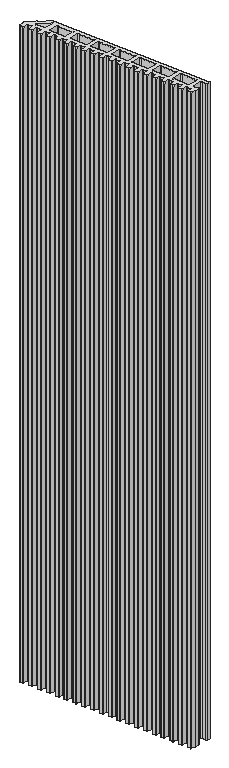
Revit family "ECP_MNY61-7560CN　ﾘｯﾌﾟﾙ留め", category Generic Models, Revit 2022
Family settings
  Can host rebar = No
  Round Connector Dimension = Use Diameter
  Part Type = Normal
  Work Plane-Based = No
  Always vertical = Yes
  Cut with Voids When Loaded = Yes
  Maintain Annotation Orientation = No
  Shared = No
  Room Calculation Point = No
Parameters (values of type "ECP_MNY61-7560CN　ﾘｯﾌﾟﾙ留め")
  長さ [instance] = 2000 mm
  穴表示 = yes
  材質 = 40Msr_ECP
  Default Elevation = 0 mm
  既存長さ = 600 mm
  幅 [instance] = 590 mm
  固定寸法 = 590 mm
  厚さ = 60 mm
  メースカット非表示 = yes
  メースカット [instance] = 既存長さ - 幅 - 10 mm  # 0 mm
  オースカット非表示 = no
  オースカット = 0 mm
Types (2, lengths in mm): name | 幅 | メースカット
  ECP_MNY61-7560CN　ﾘｯﾌﾟﾙ留め | 590 | 0
  ECP_SSAM_t125 | 450 | 140
Reference planes
  plane 1 "中心(正面/背面)": y = 0
  plane 2: z = 0
  plane 3 "中心(左/右)": x = 0
  plane 4: y = -30
  plane 5: y = 30
  plane 6: z = 2000
  plane 7: x = 590
Forms (mm)
  Extrusion 1, solid, material "40Msr_ECP" <- "材質", detail levels fine
    sketch origin (0, 0, 0) x (1, 0, 0) y (0, 1, 0)
      loop
        line (0, -29) -> (1.066, -30)
        arc (1.066, -30) -> (2.456, -30.562) -> (3.064, -31.933) r 2
        line (3.064, -31.933) -> (3.436, -43.067)
        arc (3.436, -43.067) -> (4.044, -44.438) -> (5.434, -45) r 2
        line (5.434, -45) -> (14.566, -45)
        arc (14.566, -45) -> (15.956, -44.438) -> (16.564, -43.067) r 2
        line (16.564, -43.067) -> (16.936, -31.933)
        arc (16.936, -31.933) -> (17.544, -30.562) -> (18.934, -30) r 2
        line (18.934, -30) -> (31.066, -30)
        arc (31.066, -30) -> (32.456, -30.562) -> (33.064, -31.933) r 2
        line (33.064, -31.933) -> (33.436, -43.067)
        arc (33.436, -43.067) -> (34.044, -44.438) -> (35.434, -45) r 2
        line (35.434, -45) -> (44.566, -45)
        arc (44.566, -45) -> (45.956, -44.438) -> (46.564, -43.067) r 2
        line (46.564, -43.067) -> (46.936, -31.933)
        arc (46.936, -31.933) -> (47.544, -30.562) -> (48.934, -30) r 2
        line (48.934, -30) -> (61.066, -30)
        arc (61.066, -30) -> (62.456, -30.562) -> (63.064, -31.933) r 2
        line (63.064, -31.933) -> (63.436, -43.067)
        arc (63.436, -43.067) -> (64.044, -44.438) -> (65.434, -45) r 2
        line (65.434, -45) -> (74.566, -45)
        arc (74.566, -45) -> (75.956, -44.438) -> (76.564, -43.067) r 2
        line (76.564, -43.067) -> (76.936, -31.933)
        arc (76.936, -31.933) -> (77.544, -30.562) -> (78.934, -30) r 2
        line (78.934, -30) -> (91.066, -30)
        arc (91.066, -30) -> (92.456, -30.562) -> (93.064, -31.933) r 2
        line (93.064, -31.933) -> (93.436, -43.067)
        arc (93.436, -43.067) -> (94.044, -44.438) -> (95.434, -45) r 2
        line (95.434, -45) -> (104.566, -45)
        arc (104.566, -45) -> (105.956, -44.438) -> (106.564, -43.067) r 2
        line (106.564, -43.067) -> (106.936, -31.933)
        arc (106.936, -31.933) -> (107.544, -30.562) -> (108.934, -30) r 2
        line (108.934, -30) -> (121.066, -30)
        arc (121.066, -30) -> (122.456, -30.562) -> (123.064, -31.933) r 2
        line (123.064, -31.933) -> (123.436, -43.067)
        arc (123.436, -43.067) -> (124.044, -44.438) -> (125.434, -45) r 2
        line (125.434, -45) -> (134.566, -45)
        arc (134.566, -45) -> (135.956, -44.438) -> (136.564, -43.067) r 2
        line (136.564, -43.067) -> (136.936, -31.933)
        arc (136.936, -31.933) -> (137.544, -30.562) -> (138.934, -30) r 2
        line (138.934, -30) -> (151.131, -30)
        arc (151.131, -30) -> (152.522, -30.562) -> (153.13, -31.933) r 2
        line (153.13, -31.933) -> (153.501, -43.067)
        arc (153.501, -43.067) -> (154.11, -44.438) -> (155.5, -45) r 2
        line (155.5, -45) -> (164.631, -45)
        arc (164.631, -45) -> (166.022, -44.438) -> (166.63, -43.067) r 2
        line (166.63, -43.067) -> (167.001, -31.933)
        arc (167.001, -31.933) -> (167.61, -30.562) -> (169, -30) r 2
        line (169, -30) -> (181.066, -30)
        arc (181.066, -30) -> (182.456, -30.562) -> (183.064, -31.933) r 2
        line (183.064, -31.933) -> (183.436, -43.067)
        arc (183.436, -43.067) -> (184.044, -44.438) -> (185.434, -45) r 2
        line (185.434, -45) -> (194.566, -45)
        arc (194.566, -45) -> (195.956, -44.438) -> (196.564, -43.067) r 2
        line (196.564, -43.067) -> (196.936, -31.933)
        arc (196.936, -31.933) -> (197.544, -30.562) -> (198.934, -30) r 2
        line (198.934, -30) -> (211.066, -30)
        arc (211.066, -30) -> (212.456, -30.562) -> (213.064, -31.933) r 2
        line (213.064, -31.933) -> (213.436, -43.067)
        arc (213.436, -43.067) -> (214.044, -44.438) -> (215.434, -45) r 2
        line (215.434, -45) -> (224.566, -45)
        arc (224.566, -45) -> (225.956, -44.438) -> (226.564, -43.067) r 2
        line (226.564, -43.067) -> (226.936, -31.933)
        arc (226.936, -31.933) -> (227.544, -30.562) -> (228.934, -30) r 2
        line (228.934, -30) -> (241.066, -30)
        arc (241.066, -30) -> (242.456, -30.562) -> (243.064, -31.933) r 2
        line (243.064, -31.933) -> (243.436, -43.067)
        arc (243.436, -43.067) -> (244.044, -44.438) -> (245.434, -45) r 2
        line (245.434, -45) -> (254.566, -45)
        arc (254.566, -45) -> (255.956, -44.438) -> (256.564, -43.067) r 2
        line (256.564, -43.067) -> (256.936, -31.933)
        arc (256.936, -31.933) -> (257.544, -30.562) -> (258.934, -30) r 2
        line (258.934, -30) -> (271.131, -30)
        arc (271.131, -30) -> (272.522, -30.562) -> (273.13, -31.933) r 2
        line (273.13, -31.933) -> (273.501, -43.067)
        arc (273.501, -43.067) -> (274.11, -44.438) -> (275.5, -45) r 2
        line (275.5, -45) -> (284.631, -45)
        arc (284.631, -45) -> (286.022, -44.438) -> (286.63, -43.067) r 2
        line (286.63, -43.067) -> (287.001, -31.933)
        arc (287.001, -31.933) -> (287.61, -30.562) -> (289, -30) r 2
        line (289, -30) -> (301.066, -30)
        arc (301.066, -30) -> (302.456, -30.562) -> (303.064, -31.933) r 2
        line (303.064, -31.933) -> (303.436, -43.067)
        arc (303.436, -43.067) -> (304.044, -44.438) -> (305.434, -45) r 2
        line (305.434, -45) -> (314.566, -45)
        arc (314.566, -45) -> (315.956, -44.438) -> (316.564, -43.067) r 2
        line (316.564, -43.067) -> (316.936, -31.933)
        arc (316.936, -31.933) -> (317.544, -30.562) -> (318.934, -30) r 2
        line (318.934, -30) -> (331.066, -30)
        arc (331.066, -30) -> (332.456, -30.562) -> (333.064, -31.933) r 2
        line (333.064, -31.933) -> (333.436, -43.067)
        arc (333.436, -43.067) -> (334.044, -44.438) -> (335.434, -45) r 2
        line (335.434, -45) -> (344.566, -45)
        arc (344.566, -45) -> (345.956, -44.438) -> (346.564, -43.067) r 2
        line (346.564, -43.067) -> (346.936, -31.933)
        arc (346.936, -31.933) -> (347.544, -30.562) -> (348.934, -30) r 2
        line (348.934, -30) -> (361.131, -30)
        arc (361.131, -30) -> (362.522, -30.562) -> (363.13, -31.933) r 2
        line (363.13, -31.933) -> (363.501, -43.067)
        arc (363.501, -43.067) -> (364.11, -44.438) -> (365.5, -45) r 2
        line (365.5, -45) -> (374.631, -45)
        arc (374.631, -45) -> (376.022, -44.438) -> (376.63, -43.067) r 2
        line (376.63, -43.067) -> (377.001, -31.933)
        arc (377.001, -31.933) -> (377.61, -30.562) -> (379, -30) r 2
        line (379, -30) -> (391.066, -30)
        arc (391.066, -30) -> (392.456, -30.562) -> (393.064, -31.933) r 2
        line (393.064, -31.933) -> (393.436, -43.067)
        arc (393.436, -43.067) -> (394.044, -44.438) -> (395.434, -45) r 2
        line (395.434, -45) -> (404.566, -45)
        arc (404.566, -45) -> (405.956, -44.438) -> (406.564, -43.067) r 2
        line (406.564, -43.067) -> (406.936, -31.933)
        arc (406.936, -31.933) -> (407.544, -30.562) -> (408.934, -30) r 2
        line (408.934, -30) -> (421.066, -30)
        arc (421.066, -30) -> (422.456, -30.562) -> (423.064, -31.933) r 2
        line (423.064, -31.933) -> (423.436, -43.067)
        arc (423.436, -43.067) -> (424.044, -44.438) -> (425.434, -45) r 2
        line (425.434, -45) -> (434.566, -45)
        arc (434.566, -45) -> (435.956, -44.438) -> (436.564, -43.067) r 2
        line (436.564, -43.067) -> (436.936, -31.933)
        arc (436.936, -31.933) -> (437.544, -30.562) -> (438.934, -30) r 2
        line (438.934, -30) -> (451.066, -30)
        arc (451.066, -30) -> (452.456, -30.562) -> (453.064, -31.933) r 2
        line (453.064, -31.933) -> (453.436, -43.067)
        arc (453.436, -43.067) -> (454.044, -44.438) -> (455.434, -45) r 2
        line (455.434, -45) -> (464.566, -45)
        arc (464.566, -45) -> (465.956, -44.438) -> (466.564, -43.067) r 2
        line (466.564, -43.067) -> (466.936, -31.933)
        arc (466.936, -31.933) -> (467.544, -30.562) -> (468.934, -30) r 2
        line (468.934, -30) -> (481.066, -30)
        arc (481.066, -30) -> (482.456, -30.562) -> (483.064, -31.933) r 2
        line (483.064, -31.933) -> (483.436, -43.067)
        arc (483.436, -43.067) -> (484.044, -44.438) -> (485.434, -45) r 2
        line (485.434, -45) -> (494.566, -45)
        arc (494.566, -45) -> (495.956, -44.438) -> (496.564, -43.067) r 2
        line (496.564, -43.067) -> (496.936, -31.933)
        arc (496.936, -31.933) -> (497.544, -30.562) -> (498.934, -30) r 2
        line (498.934, -30) -> (511.066, -30)
        arc (511.066, -30) -> (512.456, -30.562) -> (513.064, -31.933) r 2
        line (513.064, -31.933) -> (513.436, -43.067)
        arc (513.436, -43.067) -> (514.044, -44.438) -> (515.434, -45) r 2
        line (515.434, -45) -> (524.566, -45)
        arc (524.566, -45) -> (525.956, -44.438) -> (526.564, -43.067) r 2
        line (526.564, -43.067) -> (526.936, -31.933)
        arc (526.936, -31.933) -> (527.544, -30.562) -> (528.934, -30) r 2
        line (528.934, -30) -> (541.066, -30)
        arc (541.066, -30) -> (542.456, -30.562) -> (543.064, -31.933) r 2
        line (543.064, -31.933) -> (543.436, -43.067)
        arc (543.436, -43.067) -> (544.044, -44.438) -> (545.434, -45) r 2
        line (545.434, -45) -> (554.566, -45)
        arc (554.566, -45) -> (555.956, -44.438) -> (556.564, -43.067) r 2
        line (556.564, -43.067) -> (556.936, -31.933)
        arc (556.936, -31.933) -> (557.544, -30.562) -> (558.934, -30) r 2
        line (558.934, -30) -> (571.066, -30)
        arc (571.066, -30) -> (572.456, -30.562) -> (573.064, -31.933) r 2
        line (573.064, -31.933) -> (573.436, -43.067)
        arc (573.436, -43.067) -> (574.044, -44.438) -> (575.434, -45) r 2
        line (575.434, -45) -> (584.566, -45)
        arc (584.566, -45) -> (585.956, -44.438) -> (586.564, -43.067) r 2
        line (586.564, -43.067) -> (586.936, -31.932)
        arc (586.936, -31.932) -> (587.568, -30.539) -> (589, -30) r 2
        line (589, -30) -> (590, -29) -> (590, -19)
        arc (590, -19) -> (589.121, -16.879) -> (587, -16) r 3
        line (587, -16) -> (573, -16)
        arc (573, -16) -> (570.879, -15.121) -> (570, -13) r 3
        line (570, -13) -> (570, 13)
        arc (570, 13) -> (570.879, 15.121) -> (573, 16) r 3
        line (573, 16) -> (587, 16)
        arc (587, 16) -> (589.121, 16.879) -> (590, 19) r 3
        line (590, 19) -> (590, 28) -> (588, 30) -> (55, 30) -> (45, 20) -> (45, 17.172) -> (27.828, 0) -> (25, 0) -> (0, -25) -> (0, -29)
    from 0 to 2000
  Extrusion 2, void
    sketch origin (-50, 0, 0) x (1, 0, 0) y (0, 1, 0)
      loop
        line (640, -45) -> (650, -45) -> (650, 30) -> (640, 30) -> (640, -45)
    from 0 to 2000
  Extrusion 3, void
    sketch origin (-617, 0, 0) x (1, 0, 0) y (0, 1, 0)
      loop
        line (653.456, -17) -> (682.5, -17)
        arc (682.5, -17) -> (684.622, -16.121) -> (685.5, -14) r 3
        line (685.5, -14) -> (685.5, 14)
        arc (685.5, 14) -> (684.622, 16.121) -> (682.5, 17) r 3
        line (682.5, 17) -> (681.456, 17)
        arc (681.456, 17) -> (680.308, 16.772) -> (679.335, 16.121) r 3
        line (679.335, 16.121) -> (651.335, -11.879)
        arc (651.335, -11.879) -> (650.685, -15.148) -> (653.456, -17) r 3
      loop
        line (701.5, -17) -> (752.5, -17)
        arc (752.5, -17) -> (754.622, -16.121) -> (755.5, -14) r 3
        line (755.5, -14) -> (755.5, 14)
        arc (755.5, 14) -> (754.622, 16.121) -> (752.5, 17) r 3
        line (752.5, 17) -> (701.5, 17)
        arc (701.5, 17) -> (699.379, 16.121) -> (698.5, 14) r 3
        line (698.5, 14) -> (698.5, -14)
        arc (698.5, -14) -> (699.379, -16.121) -> (701.5, -17) r 3
      loop
        line (771.5, -17) -> (823, -17)
        arc (823, -17) -> (825.122, -16.121) -> (826, -14) r 3
        line (826, -14) -> (826, 14)
        arc (826, 14) -> (825.122, 16.121) -> (823, 17) r 3
        line (823, 17) -> (771.5, 17)
        arc (771.5, 17) -> (769.379, 16.121) -> (768.5, 14) r 3
        line (768.5, 14) -> (768.5, -14)
        arc (768.5, -14) -> (769.379, -16.121) -> (771.5, -17) r 3
      loop
        line (841, -17) -> (892.5, -17)
        arc (892.5, -17) -> (894.622, -16.121) -> (895.5, -14) r 3
        line (895.5, -14) -> (895.5, 14)
        arc (895.5, 14) -> (894.622, 16.121) -> (892.5, 17) r 3
        line (892.5, 17) -> (841, 17)
        arc (841, 17) -> (838.879, 16.121) -> (838, 14) r 3
        line (838, 14) -> (838, -14)
        arc (838, -14) -> (838.879, -16.121) -> (841, -17) r 3
      loop
        line (911.5, -17) -> (962.5, -17)
        arc (962.5, -17) -> (964.622, -16.121) -> (965.5, -14) r 3
        line (965.5, -14) -> (965.5, 14)
        arc (965.5, 14) -> (964.622, 16.121) -> (962.5, 17) r 3
        line (962.5, 17) -> (911.5, 17)
        arc (911.5, 17) -> (909.379, 16.121) -> (908.5, 14) r 3
        line (908.5, 14) -> (908.5, -14)
        arc (908.5, -14) -> (909.379, -16.121) -> (911.5, -17) r 3
      loop
        line (981.5, -17) -> (1032.5, -17)
        arc (1032.5, -17) -> (1034.622, -16.121) -> (1035.5, -14) r 3
        line (1035.5, -14) -> (1035.5, 14)
        arc (1035.5, 14) -> (1034.622, 16.121) -> (1032.5, 17) r 3
        line (1032.5, 17) -> (981.5, 17)
        arc (981.5, 17) -> (979.379, 16.121) -> (978.5, 14) r 3
        line (978.5, 14) -> (978.5, -14)
        arc (978.5, -14) -> (979.379, -16.121) -> (981.5, -17) r 3
      loop
        line (1051.5, -17) -> (1102.5, -17)
        arc (1102.5, -17) -> (1104.622, -16.121) -> (1105.5, -14) r 3
        line (1105.5, -14) -> (1105.5, 14)
        arc (1105.5, 14) -> (1104.622, 16.121) -> (1102.5, 17) r 3
        line (1102.5, 17) -> (1051.5, 17)
        arc (1051.5, 17) -> (1049.379, 16.121) -> (1048.5, 14) r 3
        line (1048.5, 14) -> (1048.5, -14)
        arc (1048.5, -14) -> (1049.379, -16.121) -> (1051.5, -17) r 3
      loop
        line (1121.5, -17) -> (1171, -17)
        arc (1171, -17) -> (1173.122, -16.121) -> (1174, -14) r 3
        line (1174, -14) -> (1174, 14)
        arc (1174, 14) -> (1173.122, 16.121) -> (1171, 17) r 3
        line (1171, 17) -> (1121.5, 17)
        arc (1121.5, 17) -> (1119.379, 16.121) -> (1118.5, 14) r 3
        line (1118.5, 14) -> (1118.5, -14)
        arc (1118.5, -14) -> (1119.379, -16.121) -> (1121.5, -17) r 3
    from 0 to 2000
Cuts and joins
  Extrusion 2, Extrusion 3 cuts Extrusion 1
Lines and regions (mm)
  symbolic lines, style "ECPパネル", detail levels coarse+medium
    curve 1: line (55, 30, 0) -> (590, 30, 0)
    curve 2: line (0, -25, 0) -> (25, 0, 0)
    curve 3: line (590, -30, 0) -> (1.066, -30, 0)
    curve 4: line (590, 30, 0) -> (590, -30, 0)
    curve 5: line (0, 0, 0) -> (590, 0, 0)
    curve 6: line (0, 0, 2000) -> (0, 0, 0)
    curve 7: line (590, 0, 2000) -> (0, 0, 2000)
    curve 8: line (590, 0, 0) -> (590, 0, 2000)
    curve 9: line (0, -30, 2000) -> (0, 30, 2000)
    curve 10: line (0, -30, 0) -> (0, -30, 2000)
    curve 11: line (0, 30, 0) -> (0, -30, 0)
    curve 12: line (0, 30, 2000) -> (0, 30, 0)
    curve 14: line (0, -25, 0) -> (0, -29, 0)
    curve 15: line (0, -29, 0) -> (1.066, -30, 0)
    curve 16: line (45, 17.172, 0) -> (27.828, 0, 0)
    curve 17: line (45, 20, 0) -> (45, 17.172, 0)
    curve 18: line (25, 0, 0) -> (27.828, 0, 0)
    curve 19: line (55, 30, 0) -> (45, 20, 0)
  model lines, detail levels coarse+medium
    curve 13: line (0, 8, 0) -> (0, -8, 0)
Dimensions and locks
  "厚さ": plane 4 to plane 5
  "長さ": plane 6 to level
  equal spacing: plane 4, plane 1 "中心(正面/背面)", plane 5
  "既存長さ": plane 3 "中心(左/右)" to Extrusion 2
  "長さ": cut or joined group of Extrusion 1, Extrusion 2, Extrusion 3 to level
  "長さ": Extrusion 2 to level
  "長さ": level to Extrusion 3
  "固定寸法": plane 3 "中心(左/右)" to cut or joined group of Extrusion 1, Extrusion 2, Extrusion 3
  "幅": plane 3 "中心(左/右)" to plane 7
  "メースカット": Extrusion 2 sketch curve to cut or joined group of Extrusion 1, Extrusion 2, Extrusion 3
  aligned and locked: level to plane 2
Automatic sketch dimensions
  curve 11 to level = 0 mm
  curve 11 to plane 4 = 0 mm
  curve 11 to plane 5 = 0 mm
  curve 10 to plane 6 = 0 mm
  curve 7 to plane 3 "中心(左/右)" = 0 mm
  curve 7 to plane 6 = 0 mm
  curve 8 to level = 0 mm
  plane 1 "中心(正面/背面)" to Extrusion 3 sketch curve = 11.879 mm
  plane 3 "中心(左/右)" to Extrusion 3 sketch curve = 34.335 mm
  Extrusion 3 sketch curve to Extrusion 3 sketch curve = 2.121 mm  (x3)
  plane 5 to Extrusion 3 sketch curve = 13.879 mm
  Extrusion 3 sketch curve to Extrusion 3 sketch curve = 28 mm
  Extrusion 3 sketch curve to Extrusion 3 sketch curve = 1.044 mm
  Extrusion 3 sketch curve to plane 4 = 13 mm  (x4)
  Extrusion 3 sketch curve to Extrusion 3 sketch curve = 29.044 mm
  Extrusion 3 sketch curve to Extrusion 3 sketch curve = 3 mm  (x22)
  Extrusion 3 sketch curve to Extrusion 3 sketch curve = 13 mm  (x6)
  plane 1 "中心(正面/背面)" to Extrusion 3 sketch curve = 14 mm  (x4)
  Extrusion 3 sketch curve to Extrusion 3 sketch curve = 51 mm  (x4)
  Extrusion 3 sketch curve to Extrusion 3 sketch curve = 0 mm  (x7)
  Extrusion 3 sketch curve to Extrusion 3 sketch curve = 51.5 mm  (x2)
  Extrusion 3 sketch curve to Extrusion 3 sketch curve = 12 mm
  plane 5 to Extrusion 3 sketch curve = 13 mm  (x5)
  Extrusion 3 sketch curve to plane 1 "中心(正面/背面)" = 14 mm  (x2)
  plane 3 "中心(左/右)" to curve 7 = 590 mm
  Extrusion 3 sketch curve to Extrusion 3 sketch curve = 49.5 mm
  Extrusion 1 sketch curve to plane 3 "中心(左/右)" = 0 mm
  plane 4 to Extrusion 1 sketch curve = 0 mm  (x21)
  plane 1 "中心(正面/背面)" to Extrusion 1 sketch curve = 0 mm
  plane 5 to Extrusion 1 sketch curve = 0 mm
  plane 4 to Extrusion 1 sketch curve = 1.933 mm  (x39)
  Extrusion 1 sketch curve to Extrusion 1 sketch curve = 1.999 mm  (x74)
  plane 3 "中心(左/右)" to Extrusion 1 sketch curve = 3.436 mm
  Extrusion 1 sketch curve to Extrusion 1 sketch curve = 9.131 mm  (x20)
  Extrusion 1 sketch curve to Extrusion 1 sketch curve = 0.371 mm  (x39)
  plane 3 "中心(左/右)" to Extrusion 1 sketch curve = 25 mm
  Extrusion 1 sketch curve to Extrusion 1 sketch curve = 2.828 mm  (x2)
  Extrusion 1 sketch curve to Extrusion 1 sketch curve = 12.131 mm  (x13)
  plane 4 to Extrusion 1 sketch curve = 13.067 mm  (x35)
  plane 5 to Extrusion 1 sketch curve = 12.828 mm
  Extrusion 1 sketch curve to Extrusion 1 sketch curve = 17.172 mm
  Extrusion 1 sketch curve to Extrusion 1 sketch curve = 10 mm
  plane 4 to Extrusion 1 sketch curve = 2 mm  (x6)
  Extrusion 1 sketch curve to Extrusion 1 sketch curve = 12.197 mm  (x3)
  Extrusion 1 sketch curve to Extrusion 1 sketch curve = 12.065 mm  (x3)
  plane 1 "中心(正面/背面)" to Extrusion 1 sketch curve = 13 mm
  Extrusion 1 sketch curve to Extrusion 1 sketch curve = 11.066 mm
  Extrusion 1 sketch curve to Extrusion 1 sketch curve = 3 mm  (x3)
  plane 4 to Extrusion 1 sketch curve = 1.932 mm
  Extrusion 1 sketch curve to Extrusion 1 sketch curve = 14 mm  (x2)
  Extrusion 1 sketch curve to Extrusion 1 sketch curve = 1 mm
  Extrusion 1 sketch curve to Extrusion 1 sketch curve = 0.066 mm
  Extrusion 1 sketch curve to Extrusion 1 sketch curve = 2 mm
  Extrusion 1 sketch curve to Extrusion 1 sketch curve = 1.933 mm  (x23)
  Extrusion 1 sketch curve to Extrusion 1 sketch curve = 13.067 mm  (x2)
  Extrusion 1 sketch curve to plane 4 = 1 mm  (x2)
  Extrusion 1 sketch curve to Extrusion 1 sketch curve = 4 mm
  Extrusion 1 sketch curve to plane 1 "中心(正面/背面)" = 13 mm
  plane 5 to Extrusion 1 sketch curve = 2 mm
  plane 3 "中心(左/右)" to Extrusion 1 sketch curve = 1.066 mm
  plane 5 to Extrusion 2 sketch curve = 0 mm
  plane 4 to Extrusion 2 sketch curve = 15 mm
  Extrusion 2 sketch curve to Extrusion 2 sketch curve = 10 mm
  curve 14 to plane 3 "中心(左/右)" = 0 mm
  curve 13 to plane 3 "中心(左/右)" = 0 mm
  plane 4 to curve 15 = 0 mm
  plane 1 "中心(正面/背面)" to curve 18 = 0 mm
  plane 5 to curve 19 = 0 mm
  curve 1 to plane 7 = 0 mm
  plane 3 "中心(左/右)" to curve 15 = 1.066 mm
  plane 3 "中心(左/右)" to curve 18 = 25 mm
  curve 2 to curve 18 = 2.828 mm
  plane 5 to curve 19 = 10 mm
  curve 16 to curve 19 = 17.172 mm
  curve 17 to curve 19 = 10 mm
  curve 15 to plane 4 = 1 mm
  curve 14 to curve 14 = 4 mm
  curve 17 to curve 17 = 2.828 mm
  plane 1 "中心(正面/背面)" to curve 13 = 8 mm
  curve 13 to plane 1 "中心(正面/背面)" = 8 mm
